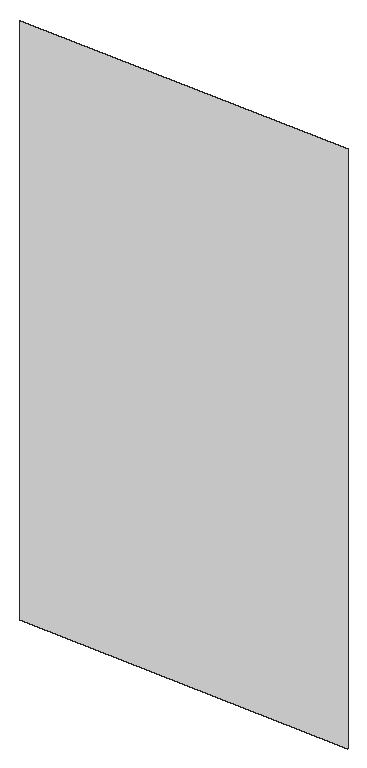
Revit family
Parameters (values of type "단일")
  폭 = 70 mm
  장착 높이 = 305 mm
  높이 = 115 mm
  재료 = 플라스틱 - 흰색
Reference planes
  plane 1: y = 0
  plane 2 "중심(왼쪽/오른쪽)": x = 125
  plane 3 "뒤로": y = 75
  plane 4: z = 305
  plane 5: x = 90
  plane 6: x = 160
  plane 7: z = 362.5
  plane 8: z = 247.5
  plane 9: y = 80
Forms (mm)
  Blend 1, solid, material "플라스틱 - 흰색" <- "재료"
    base sketch origin (0, 75, 0) x (1, 0, 0) y (0, 0, 1)
      loop
        line (160, 362.5) -> (90, 362.5) -> (90, 247.5) -> (160, 247.5) -> (160, 362.5)
    top sketch origin (0, 75, 0) x (1, 0, 0) y (0, 0, 1)
      loop
        line (155, 357.5) -> (95, 357.5) -> (95, 252.5) -> (155, 252.5) -> (155, 357.5)
    from 0 to -5
Text (mm)
  text "측면 배치" at (0, 1270.507, 3001.832), in view "왼쪽"
  text "측면 배치" at (0, 530.812, 2999.686), in view "오른쪽"
Dimensions and locks
  locked: plane 3 "뒤로" to host wall
  "높이": plane 8 to plane 7
  "폭": plane 5 to plane 6
  equal spacing: plane 8, plane 4, plane 7
  equal spacing: plane 5, plane 2 "중심(왼쪽/오른쪽)", plane 6
  "장착 높이": level to plane 4
  locked: plane 3 "뒤로" to plane 9 at 5
  aligned and locked: plane 1 to host wall
  aligned and locked: plane 6 to Blend 1 sketch curve
  aligned and locked: Blend 1 sketch curve to plane 7
  aligned and locked: plane 8 to Blend 1 sketch curve
  aligned and locked: plane 5 to Blend 1 sketch curve
  aligned and locked: plane 3 "뒤로" to Blend 1
  aligned and locked: Blend 1 to plane 9
  aligned and locked: plane 3 "뒤로" to nested 1
Automatic sketch dimensions
  Blend 1 sketch curve to plane 5 = 5 mm
  plane 6 to Blend 1 sketch curve = 5 mm
  Blend 1 sketch curve to plane 8 = 5 mm
  plane 7 to Blend 1 sketch curve = 5 mm
Nested families
  nested 1: "콘센트 주석" at (125, 75, 0), type "콘센트 주석"
Definition of nested family "콘센트 주석"
  Reference planes
    plane 1: y = 0
    plane 2: x = 0
  Lines and regions (mm)
    detail lines
      curve 1: arc (-1.218, 2.706, 0) -> (1.219, 4.039, 0) -> (-1.218, 2.706, 0) r 1.389
      curve 2: line (-0.461, 0.398, 0) -> (-0.461, 4.684, 0)
      curve 3: line (0.461, 0.398, 0) -> (0.461, 4.684, 0)
